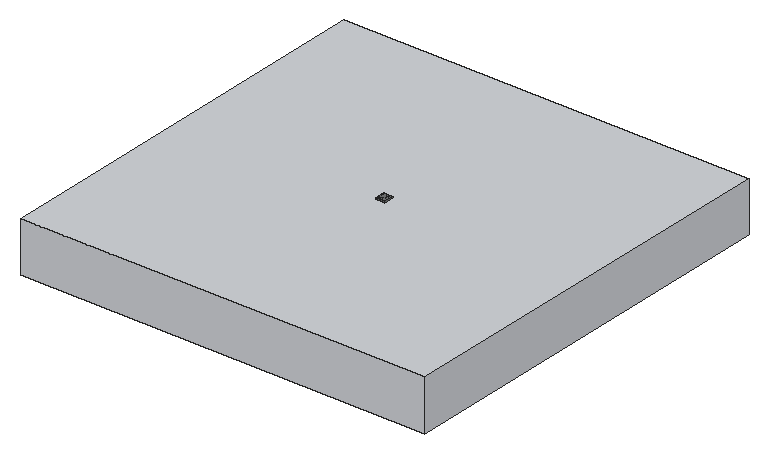
Revit family "Gira_5333100", category Elektroinstallationen, Revit 2017
Family settings
  Basisbauteil = Fläche
  Beschriftungsausrichtung beibehalten = Nein
  Bemaßung runder Anschluss = Durchmesser verwenden
  Teiletyp = Normal
  Beim Laden mit Abzugskörper schneiden = Nein
  Gemeinsam genutzt = Nein
  Raumberechnungspunkt = Nein
Parameters
  URL = "https://www.gira.de/"
  Typname = "Gira eNet WL wall transm. 3-g in.sp. System 55 clear/p.white"
  Transparent = no
  Surface protection = "Other"
  Surface finishing = "Glossy"
  RAL-number (akin) = 9010
  Productwebsite = "http://katalog.gira.de/en/datenblatt.html?artikelnr=5333100"
  Other bus systems = "None"
  Number of channels = 3
  Mounting method = "Surface mounted (plaster)"
  Model = "Wall-mounted transmitter complete"
  Material quality = "Other"
  Material = "Other"
  Hersteller = "Gira"
  HAN = "5333100"
  GTIN = "4010337116547"
  Data sheet = "https://katalog.gira.de/en/download.html?artikelnr=5333100"
  Colour = "White"
  Bus system radio frequent = yes
  Bus system Powernet = no
  Bus system LON = no
  Bus system KNX radio = no
  Bus system KNX = no
  Bus connection included = no
  Beschreibung = "eNet wall tr.in.sp.3g Sys55 ClPw,eNet wireless wall transmitter, 3-gang,System 55, rockers with inscription space,clear + pure white glossy,Features:,- The eNet wireless transmitters transfer switching, dimming, and blind adjustment commands to corresponding eNet wireless receivers.,- Simple extension of existing switch combinations.,- The installation can be carried out without a surface-mounted housing or device box.,- The wireless wall transmitter can be attached to walls with screws or glued onto smooth or transparent surfaces with the mounting plate.,- Transmission of switching, dimming, blind adjustment, and scene commands.,- Switchover function, optimised for the control of momentary-contact actuators.,- Rocker can be set as channel or scene function.,- Two-colour LEDs on the right and left of the buttons for signalling.,- Battery-operated device.,Can be set with eNet server::,- Fully encrypted wireless transmission (AES CCM) from eNet Server software version 2.0.,- Signalling of the transmission status deactivatable.,- Operation locks.,- All-On or All-Off scenes, threshold value scenes, and individual scenes can be configured.,- Configuration of scene button via eNet SMART HOME app (if-then rules) to trigger actions, scenes, or timers.,- Device software update.,- Localisation of the device.,,Notes :,- Batteries are consumables and must be replaced regularly. Please observe the regulations on the disposal of used batteries.,- The wireless wall transmitter is supplied with a program-neutral start-up rocker. The suitable rocker set for the design line must be ordered separately.,- The range can be reduced when using metal rocker sets and or metal cover frames."
  Keynote = ""
  Default Elevation = 1219.2 mm
  BIM = "https://media.stage.bim.site/public/gira/ad86d9f/Sys55_Abdeckung_Schalten%20und%20Tasten.rfa?public/gira/ad86d9f/Sys55_Abdeckung_Schalten und Tasten.rfa"
  Anthrazit [instance] = Anthrazit
Reference planes
  plane 1 "Center (Front/Back)": y = 0
  plane 2: z = 0
  plane 3 "Center (Left/Right)": x = 0
Forms (mm)
  Extrusion 1, solid
    sketch origin (0, 0, 0) x (1, 0, 0) y (0, 1, 0)
      loop
        line (-1219.2, 1219.2) -> (-1219.2, -1219.2) -> (1219.2, -1219.2) -> (1219.2, 1219.2) -> (-1219.2, 1219.2)
    from 0 to -304.8
  Extrusion 2, solid, material "Anthrazit" <- "Anthrazit", detail levels fine
    sketch origin (0, 0, 0) x (1, 0, 0) y (0, 1, 0)
      loop
        line (-27.5, 27.5) -> (-27.5, -27.5) -> (27.5, -27.5) -> (27.5, 27.5) -> (-27.5, 27.5)
    from 0 to 8
  Extrusion 3, void
    sketch origin (0, 0, 0) x (1, 0, 0) y (0, 1, 0)
      loop
        line (26, 26) -> (-26, 26) -> (-26, -26) -> (26, -26) -> (26, 26)
    from 0 to 6
  Extrusion 4, solid, material "Anthrazit" <- "Anthrazit", detail levels medium
    sketch origin (0, 0, 0) x (1, 0, 0) y (0, 1, 0)
      loop
        line (-27.5, 27.5) -> (-27.5, -27.5) -> (27.5, -27.5) -> (27.5, 27.5) -> (-27.5, 27.5)
    from 0 to 8
  Extrusion 5, solid, material "Anthrazit" <- "Anthrazit", detail levels medium
    sketch origin (0, 0, 0) x (1, 0, 0) y (0, 1, 0)
      loop
        line (11, -17.5) -> (11, 17.5) -> (-11, 17.5) -> (-11, -17.5) -> (11, -17.5)
    from -6 to 6
  Extrusion 6, solid, material "Anthrazit" <- "Anthrazit", detail levels fine
    sketch origin (0, 0, 0) x (1, 0, 0) y (0, 1, 0)
      loop
        line (11, 17.5) -> (-11, 17.5) -> (-11, 16.5) -> (11, 16.5) -> (11, 17.5)
      loop
        line (-11, -16.5) -> (-11, -17.5) -> (11, -17.5) -> (11, -16.5) -> (-11, -16.5)
    from -4 to 6
  Extrusion 7, solid, material "Anthrazit" <- "Anthrazit", detail levels fine
    sketch origin (0, 0, 0) x (1, 0, 0) y (0, 1, 0)
      loop
        arc (5, 9.347) -> (0, 10.6) -> (-5, 9.347) r 10.6
        line (-5, 9.347) -> (-5, -9.347)
        arc (-5, -9.347) -> (0, -10.6) -> (5, -9.347) r 10.6
        line (5, -9.347) -> (5, 9.347)
    from -6 to 6
  Extrusion 8, solid, material "Anthrazit" <- "Anthrazit", detail levels coarse
    sketch origin (0, 0, 0) x (1, 0, 0) y (0, 1, 0)
      loop
        line (-27.5, 27.5) -> (-27.5, -27.5) -> (27.5, -27.5) -> (27.5, 27.5) -> (-27.5, 27.5)
    from -6 to 8
Cuts and joins
  Extrusion 3 cuts Extrusion 2
Dimensions and locks
  aligned and locked: plane 2 to Extrusion 1
  aligned and locked: level to Extrusion 1
